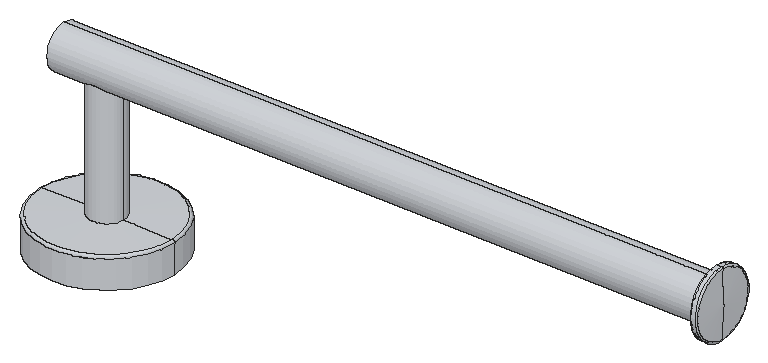
Revit family "Accessory-Towel_Arm-KOHLER-Elate-K-27291", category Specialty Equipment, host Face, Revit 2015
Parameters (values of type "CP-Polished Chrome")
  Width = 2 15/16"  # constant formula
  WaterSense Certified = 1 = 0  # no
  URL = "https://www.us.kohler.com/us/"
  Type = 1
  Product Page URL = "http://www.us.kohler.com/us/catalog/productDetails.jsp?productNumber=27291"
  Product Name = "Elate"  # constant formula
  Product Documentation Link = "https://www.us.kohler.com/webassets/kpna/catalog/pdf/en/K-27291_spec.pdf"
  Model = if(Type = 1, "K-27291-CP", if(Type = 2, "K-27291-BN", "NA"))  # "K-27291-CP"
  Material = "Premium metal construction"  # constant formula
  MasterFormat 2004 = "10.28.13"  # constant formula
  MasterFormat 1995 = "10820"  # constant formula
  Manufacturer Address = "444 Highland Dr, Kohler, WI 53044"  # constant formula
  Manufacturer = "KOHLER Co."  # constant formula
  Length = 9 1/8"  # constant formula
  Height = 2"  # constant formula
  Finish = Kohler-Metal-CP-Polished_Chrome
  Environmental Product Declaration = ""
  Description = "9 inch Towel Arm"  # constant formula
  Default Elevation = 42"
  Declare Label = ""
  Date Modified = "02/18/2019"  # constant formula
  Date Created = "02/18/2019"  # constant formula
  Copyright = "Copyright KOHLER Co."  # constant formula
  Contact Us = "https://www.us.kohler.com/us/static/contact.jsp"
  Assembly Code = "C1030200"
  ADA Compliant = 1 = 0  # no
Types (3): name | Type | Model | Finish
  (no name) | 1 | "K-27291-CP" | Kohler-Metal-CP-Polished_Chrome
  CP-Polished Chrome | 1 | "K-27291-CP" | Kohler-Metal-CP-Polished_Chrome
  BN-Vibrant Brushed Nickel | 2 | "K-27291-BN" | Kohler-Metal-BN-Vibrant_Brushed_Nickel
Reference planes (in)
  plane 1 "Center (Front/Back)": y = 0
  plane 2: z = 0
  plane 3 "Center (Left/Right)": x = 0
  plane 4: x = -1
  plane 5: x = 1
  plane 6: y = 1
  plane 7: y = -1
  plane 8: x = 9.125
  plane 9: z = 2.9375
  plane 10: z = 2.45276
  plane 11: z = 1.96801
  plane 12: y = 0.48474
  plane 13: y = -0.48474
Dimensions and locks (in)
  "Length": plane 3 "Center (Left/Right)" to plane 8
  "Height": plane 7 to plane 6
  "Width": plane 9 to plane 2
  locked: plane 4 to plane 5 at 2
  aligned and locked: host face to plane 2
  aligned and locked: host face to level
Automatic sketch dimensions
  host sketch curve to host sketch curve = 96"  (x2)
Nested families (in)
  nested 1: "K-27291" at (0, 0, 0), type "K-27291"
Definition of nested family "K-27291"
  Parameters (values of type "K-27291")
    Material = none
  Reference planes (in)
    plane 1 "Center (Front/Back)": y = 0
    plane 2: z = 0
    plane 3 "Center (Left/Right)": x = 0
    plane 4: x = -1
    plane 5: x = 1
    plane 6: y = 1
    plane 7: y = -1
    plane 8: x = 9.125
    plane 9: z = 2.9375
  Forms (in)
    Revolve 1, solid, material <- "Material", detail levels medium+fine
      sketch origin (0, 0, 0) x (1, 0, 0) y (0, 0, 1)
        loop
          line (0, 0) -> (1, 0) -> (1, 0.41494)
          arc (1, 0.41494) -> (0.98948, 0.44082) -> (0.96388, 0.452) r 0.03708
          arc (0.96388, 0.452) -> (0.60992, 0.4597) -> (0.25591, 0.46457) r 44.34163
          line (0.25591, 0.46457) -> (0.25591, 2.51373) -> (0, 2.51373) -> (0, 0)
        axis (0, 2.51373) -> (0, 0)
      angle from 0 to 360
    Revolve 2, solid, material <- "Material", detail levels medium+fine
      sketch origin (0, 0, 0) x (1, 0, 0) y (0, 0, 1)
        loop
          arc (9.125, 2.45276) -> (9.12, 2.68536) -> (9.10706, 2.91765) r 6.80257
          arc (9.10706, 2.91765) -> (9.10029, 2.93177) -> (9.08571, 2.9375) r 0.0214
          line (9.08571, 2.9375) -> (9.01989, 2.9375)
          arc (9.01989, 2.9375) -> (9.00583, 2.93167) -> (9, 2.91761) r 0.01989
          line (9, 2.91761) -> (9, 2.76772) -> (-0.63289, 2.76772)
          arc (-0.63289, 2.76772) -> (-0.66018, 2.61129) -> (-0.66932, 2.45276) r 1.37991
          line (-0.66932, 2.45276) -> (9.125, 2.45276)
        axis (-0.66932, 2.45276) -> (9.125, 2.45276)
      angle from 0 to 360
    Revolve 3, solid, material <- "Material", detail levels coarse
      sketch origin (0, 0, 0) x (1, 0, 0) y (0, 0, 1)
        loop
          line (0, 2.47519) -> (0, 0) -> (1, 0) -> (1, 0.65846) -> (0.29492, 0.65846) -> (0.29492, 2.47519) -> (0, 2.47519)
        axis (0, 2.47519) -> (0, 0)
      angle from 0 to 360
    Extrusion 4, solid, material <- "Material", detail levels coarse
      sketch origin (0, 0, 0) x (0, 1, 0) y (0, 0, 1)
        loop
          circle (0, 2.47519) r 0.46231
      from -0.63289 to 9.13038
  Cuts and joins
    joined: Revolve 1, Revolve 2
    joined: Revolve 3, Extrusion 4
  Lines and regions (in)
    Masking region 1
      outline origin (0, 0, 0) x (1, 0, 0) y (0, 0, 1)
        loop
          arc (-0.63289, 2.76772) -> (-0.66018, 2.61129) -> (-0.66932, 2.45276) r 1.37991
          arc (-0.66932, 2.45276) -> (-0.66018, 2.29423) -> (-0.63289, 2.1378) r 1.37991
          line (-0.63289, 2.1378) -> (-0.25591, 2.1378) -> (-0.25591, 0.46457)
          arc (-0.25591, 0.46457) -> (-0.60992, 0.4597) -> (-0.96388, 0.452) r 44.34163
          arc (-0.96388, 0.452) -> (-0.98948, 0.44082) -> (-1, 0.41494) r 0.03708
          line (-1, 0.41494) -> (-1, 0) -> (1, 0) -> (1, 0.41494)
          arc (1, 0.41494) -> (0.98948, 0.44082) -> (0.96388, 0.452) r 0.03708
          arc (0.96388, 0.452) -> (0.60992, 0.4597) -> (0.25591, 0.46457) r 44.34163
          line (0.25591, 0.46457) -> (0.25591, 2.1378) -> (9, 2.1378) -> (9, 1.98791)
          arc (9, 1.98791) -> (9.00583, 1.97384) -> (9.01989, 1.96801) r 0.01989
          line (9.01989, 1.96801) -> (9.08571, 1.96801)
          arc (9.08571, 1.96801) -> (9.10029, 1.97374) -> (9.10706, 1.98786) r 0.0214
          arc (9.10706, 1.98786) -> (9.12, 2.22015) -> (9.125, 2.45276) r 6.80257
          arc (9.125, 2.45276) -> (9.12, 2.68536) -> (9.10706, 2.91765) r 6.80257
          arc (9.10706, 2.91765) -> (9.10029, 2.93177) -> (9.08571, 2.9375) r 0.0214
          line (9.08571, 2.9375) -> (9.01989, 2.9375)
          arc (9.01989, 2.9375) -> (9.00583, 2.93167) -> (9, 2.91761) r 0.01989
          line (9, 2.91761) -> (9, 2.76772) -> (-0.63289, 2.76772)
    Masking region 2
      outline origin (0, 0, 0) x (0, 1, 0) y (0, 0, 1)
        loop
          line (-1, 0) -> (1, 0) -> (1, 0.41494)
          arc (1, 0.41494) -> (0.98948, 0.44082) -> (0.96388, 0.452) r 0.03708
          arc (0.96388, 0.452) -> (0.60992, 0.4597) -> (0.25591, 0.46457) r 44.34163
          line (0.25591, 0.46457) -> (0.25591, 2.04067)
          arc (0.25591, 2.04067) -> (0.46631, 2.58563) -> (0, 2.9375) r 0.48493
          arc (0, 2.9375) -> (-0.46631, 2.58563) -> (-0.25591, 2.04067) r 0.48493
          line (-0.25591, 2.04067) -> (-0.25591, 0.46457)
          arc (-0.25591, 0.46457) -> (-0.60992, 0.4597) -> (-0.96388, 0.452) r 44.34163
          arc (-0.96388, 0.452) -> (-0.98948, 0.44082) -> (-1, 0.41494) r 0.03708
          line (-1, 0.41494) -> (-1, 0)
    Masking region 3
      outline origin (0, 0, 0) x (1, 0, 0) y (0, 1, 0)
        loop
          line (0.9491, -0.31496) -> (9, -0.31496) -> (9, -0.46485)
          arc (9, -0.46485) -> (9.00583, -0.47892) -> (9.01989, -0.48474) r 0.01989
          line (9.01989, -0.48474) -> (9.08571, -0.48474)
          arc (9.08571, -0.48474) -> (9.10029, -0.47902) -> (9.10706, -0.4649) r 0.0214
          arc (9.10706, -0.4649) -> (9.12, -0.2326) -> (9.125, 0) r 6.80257
          arc (9.125, 0) -> (9.12, 0.2326) -> (9.10706, 0.4649) r 6.80257
          arc (9.10706, 0.4649) -> (9.10029, 0.47902) -> (9.08571, 0.48474) r 0.0214
          line (9.08571, 0.48474) -> (9.01989, 0.48474)
          arc (9.01989, 0.48474) -> (9.00583, 0.47892) -> (9, 0.46485) r 0.01989
          line (9, 0.46485) -> (9, 0.31496) -> (0.9491, 0.31496)
          arc (0.9491, 0.31496) -> (0.58525, 0.81085) -> (0, 1) r 1
          arc (0, 1) -> (-0.70711, 0.70711) -> (-1, 0) r 1
          arc (-1, 0) -> (-0.70711, -0.70711) -> (0, -1) r 1
          arc (0, -1) -> (0.58525, -0.81085) -> (0.9491, -0.31496) r 1
    symbolic lines, detail levels medium+fine
      curve 1: line (0.25591, 0, 0.46457) -> (-0.25591, 0, 0.46457)
      curve 2: arc (0.1167, 0, 2.23681) -> (0.06064, 0, 2.2614) -> (0, 0, 2.26981) r 0.22288
      curve 3: arc (0.25591, 0, 2.1378) -> (0.18797, 0, 2.18964) -> (0.1167, 0, 2.23681) r 1.27208
      curve 4: arc (-0.1167, 0, 2.23681) -> (-0.06064, 0, 2.2614) -> (0, 0, 2.26981) r 0.22288
      curve 5: arc (-0.25591, 0, 2.1378) -> (-0.18797, 0, 2.18964) -> (-0.1167, 0, 2.23681) r 1.27208
      curve 6: line (-0.63289, 0, 2.76772) -> (-0.63289, 0, 2.1378)
      curve 7: line (9, 0, 2.76772) -> (9, 0, 2.1378)
      curve 8: circle (0, 0, 2.45276) r 0.31496 normal (-1, 0, 0)
      curve 9: line (0, 0.25591, 2.04067) -> (0, 0.25591, 2.26915)
      curve 10: line (0, -0.25591, 2.04067) -> (0, -0.25591, 2.26915)
      curve 11: line (0.9491, 0.31496, 0) -> (-0.63289, 0.31496, 0)
      curve 12: line (0.9491, -0.31496, 0) -> (-0.63289, -0.31496, 0)
      curve 13: arc (-0.63289, 0.31496, 0) -> (-0.67107, 0, 0) -> (-0.63289, -0.31496, 0) r 1.31808
      curve 14: line (9, 0.31496, 0) -> (9, -0.31496, 0)
      curve 15: line (-0.63289, 0.31496, 0) -> (-0.63289, -0.31496, 0)
      curve 16: line (0, 0.25591, 0.46457) -> (0, -0.25591, 0.46457)
  Dimensions and locks (in)
    locked: plane 4 to plane 5 at 2
    locked: plane 6 to plane 7 at 2
    locked: plane 3 "Center (Left/Right)" to plane 8 at 9.125
    locked: plane 9 to plane 2 at 2.9375
    aligned and locked: plane 2 to level
